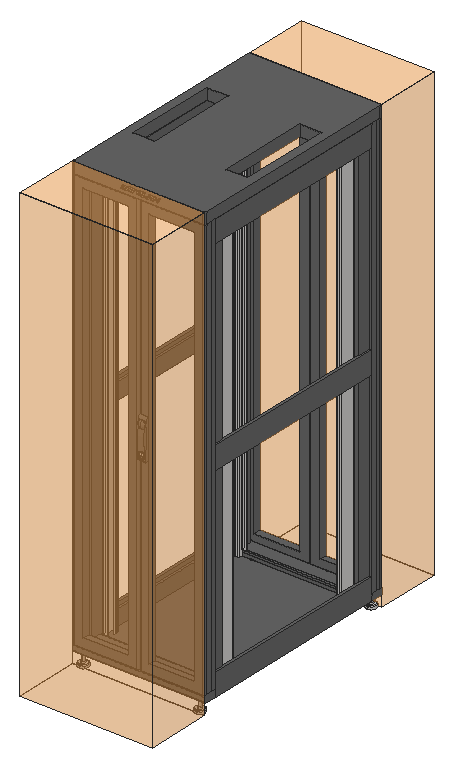
Revit family "Eurolan_Шкафы Rackcenter D9000", category Электрооборудование, Revit 2019 (continued)
Definition of nested family "in_Дверь_перфорированная_двойная"
  Automatic sketch dimensions
    Extrusion 1 sketch curve to plane 4 = 0.000 mm  (x2)
    plane 7 to Extrusion 1 sketch curve = 0.000 mm
    Extrusion 1 sketch curve to plane 9 = 0.000 mm  (x2)
    plane 13 to Extrusion 1 sketch curve = 0.000 mm
    plane 12 to Extrusion 1 sketch curve = 0.000 mm
    plane 6 to Extrusion 1 sketch curve = 0.000 mm
    Extrusion 1 sketch curve to plane 8 = 0.000 mm  (x2)
    plane 3 "По центру (Влево/Вправо)" to Extrusion 1 sketch curve = 1.000 mm
    Extrusion 1 sketch curve to plane 5 = 0.000 mm  (x2)
    Extrusion 2 sketch curve to plane 6 = 0.000 mm
    Extrusion 2 sketch curve to plane 11 = 0.000 mm  (x4)
    Extrusion 2 sketch curve to plane 7 = 0.000 mm
    plane 6 to Extrusion 2 sketch curve = 5.000 mm
    Extrusion 2 sketch curve to plane 6 = 10.000 mm
    Extrusion 2 sketch curve to plane 3 "По центру (Влево/Вправо)" = 11.000 mm
    Extrusion 2 sketch curve to plane 3 "По центру (Влево/Вправо)" = 1.000 mm
    Extrusion 2 sketch curve to plane 11 = 5.000 mm  (x3)
    plane 3 "По центру (Влево/Вправо)" to Extrusion 2 sketch curve = 11.000 mm
    plane 7 to Extrusion 2 sketch curve = 10.000 mm
    Extrusion 2 sketch curve to Extrusion 2 sketch curve = 5.000 mm
    curve 1 to plane 6 = 0.000 mm
    curve 1 to plane 7 = 0.000 mm
  Nested families
    nested 1: "in_Дверь_Соты_600" at (0, 100, 122), type ""
      with Смещение от пола 125.000 mm, Глубина стенок 440.000 mm, Высота стенки 2235.000 mm, ADSK_Размер_Ширина 600.000 mm, ADSK_Размер_Глубина 600.000 mm, ADSK_Размер_Высота 2277.000 mm
    nested 2: "in_Дверь_Соты_600" at (0, 100, 122) x (-1, 0, 0) z (0, 0, 1), type ""
      with Смещение от пола 125.000 mm, Глубина стенок 440.000 mm, Высота стенки 2235.000 mm, ADSK_Размер_Ширина 600.000 mm, ADSK_Размер_Глубина 600.000 mm, ADSK_Размер_Высота 2277.000 mm
    nested 3: "in_Дверь_Соты_600" at (0, 100, 122), type "соты_600_массив"
      with Смещение от пола 125.000 mm, Глубина стенок 440.000 mm, Высота стенки 2235.000 mm, ADSK_Размер_Ширина 600.000 mm, ADSK_Размер_Глубина 600.000 mm, ADSK_Размер_Высота 2277.000 mm
    nested 4: "in_Дверь_Соты_600" at (0, 100, 122) x (-1, 0, 0) z (0, 0, 1), type ""
      with Смещение от пола 125.000 mm, Глубина стенок 440.000 mm, Высота стенки 2235.000 mm, ADSK_Размер_Ширина 600.000 mm, ADSK_Размер_Глубина 600.000 mm, ADSK_Размер_Высота 2277.000 mm
    nested 5: "in_Дверь_Соты_600" at (0, 100, 150.256), type "соты_600_массив"
      with Смещение от пола 125.000 mm, Глубина стенок 440.000 mm, Высота стенки 2235.000 mm, ADSK_Размер_Ширина 600.000 mm, ADSK_Размер_Глубина 600.000 mm, ADSK_Размер_Высота 2277.000 mm
    nested 6: "in_Дверь_Соты_600" at (0, 100, 150.256) x (-1, 0, 0) z (0, 0, 1), type ""
      with Смещение от пола 125.000 mm, Глубина стенок 440.000 mm, Высота стенки 2235.000 mm, ADSK_Размер_Ширина 600.000 mm, ADSK_Размер_Глубина 600.000 mm, ADSK_Размер_Высота 2277.000 mm
    nested 7: "in_Дверь_Соты_600" at (0, 100, 178.512), type "соты_600_массив"
      with Смещение от пола 125.000 mm, Глубина стенок 440.000 mm, Высота стенки 2235.000 mm, ADSK_Размер_Ширина 600.000 mm, ADSK_Размер_Глубина 600.000 mm, ADSK_Размер_Высота 2277.000 mm
    nested 8: "in_Дверь_Соты_600" at (0, 100, 178.512) x (-1, 0, 0) z (0, 0, 1), type ""
      with Смещение от пола 125.000 mm, Глубина стенок 440.000 mm, Высота стенки 2235.000 mm, ADSK_Размер_Ширина 600.000 mm, ADSK_Размер_Глубина 600.000 mm, ADSK_Размер_Высота 2277.000 mm
    nested 9: "in_Дверь_Соты_600" at (0, 100, 206.768), type "соты_600_массив"
      with Смещение от пола 125.000 mm, Глубина стенок 440.000 mm, Высота стенки 2235.000 mm, ADSK_Размер_Ширина 600.000 mm, ADSK_Размер_Глубина 600.000 mm, ADSK_Размер_Высота 2277.000 mm
    nested 10: "in_Дверь_Соты_600" at (0, 100, 206.768) x (-1, 0, 0) z (0, 0, 1), type ""
      with Смещение от пола 125.000 mm, Глубина стенок 440.000 mm, Высота стенки 2235.000 mm, ADSK_Размер_Ширина 600.000 mm, ADSK_Размер_Глубина 600.000 mm, ADSK_Размер_Высота 2277.000 mm
    nested 11: "in_Дверь_Соты_600" at (0, 100, 235.024), type "соты_600_массив"
      with Смещение от пола 125.000 mm, Глубина стенок 440.000 mm, Высота стенки 2235.000 mm, ADSK_Размер_Ширина 600.000 mm, ADSK_Размер_Глубина 600.000 mm, ADSK_Размер_Высота 2277.000 mm
    nested 12: "in_Дверь_Соты_600" at (0, 100, 235.024) x (-1, 0, 0) z (0, 0, 1), type ""
      with Смещение от пола 125.000 mm, Глубина стенок 440.000 mm, Высота стенки 2235.000 mm, ADSK_Размер_Ширина 600.000 mm, ADSK_Размер_Глубина 600.000 mm, ADSK_Размер_Высота 2277.000 mm
    nested 13: "in_Дверь_Соты_600" at (0, 100, 263.28), type "соты_600_массив"
      with Смещение от пола 125.000 mm, Глубина стенок 440.000 mm, Высота стенки 2235.000 mm, ADSK_Размер_Ширина 600.000 mm, ADSK_Размер_Глубина 600.000 mm, ADSK_Размер_Высота 2277.000 mm
    nested 14: "in_Дверь_Соты_600" at (0, 100, 263.28) x (-1, 0, 0) z (0, 0, 1), type ""
      with Смещение от пола 125.000 mm, Глубина стенок 440.000 mm, Высота стенки 2235.000 mm, ADSK_Размер_Ширина 600.000 mm, ADSK_Размер_Глубина 600.000 mm, ADSK_Размер_Высота 2277.000 mm
    nested 15: "in_Дверь_Соты_600" at (0, 100, 291.536), type "соты_600_массив"
      with Смещение от пола 125.000 mm, Глубина стенок 440.000 mm, Высота стенки 2235.000 mm, ADSK_Размер_Ширина 600.000 mm, ADSK_Размер_Глубина 600.000 mm, ADSK_Размер_Высота 2277.000 mm
    nested 16: "in_Дверь_Соты_600" at (0, 100, 291.536) x (-1, 0, 0) z (0, 0, 1), type ""
      with Смещение от пола 125.000 mm, Глубина стенок 440.000 mm, Высота стенки 2235.000 mm, ADSK_Размер_Ширина 600.000 mm, ADSK_Размер_Глубина 600.000 mm, ADSK_Размер_Высота 2277.000 mm
    nested 17: "in_Дверь_Соты_600" at (0, 100, 319.792), type "соты_600_массив"
      with Смещение от пола 125.000 mm, Глубина стенок 440.000 mm, Высота стенки 2235.000 mm, ADSK_Размер_Ширина 600.000 mm, ADSK_Размер_Глубина 600.000 mm, ADSK_Размер_Высота 2277.000 mm
    nested 18: "in_Дверь_Соты_600" at (0, 100, 319.792) x (-1, 0, 0) z (0, 0, 1), type ""
      with Смещение от пола 125.000 mm, Глубина стенок 440.000 mm, Высота стенки 2235.000 mm, ADSK_Размер_Ширина 600.000 mm, ADSK_Размер_Глубина 600.000 mm, ADSK_Размер_Высота 2277.000 mm
    nested 19: "in_Дверь_Соты_600" at (0, 100, 348.048), type "соты_600_массив"
      with Смещение от пола 125.000 mm, Глубина стенок 440.000 mm, Высота стенки 2235.000 mm, ADSK_Размер_Ширина 600.000 mm, ADSK_Размер_Глубина 600.000 mm, ADSK_Размер_Высота 2277.000 mm
    nested 20: "in_Дверь_Соты_600" at (0, 100, 348.048) x (-1, 0, 0) z (0, 0, 1), type ""
      with Смещение от пола 125.000 mm, Глубина стенок 440.000 mm, Высота стенки 2235.000 mm, ADSK_Размер_Ширина 600.000 mm, ADSK_Размер_Глубина 600.000 mm, ADSK_Размер_Высота 2277.000 mm
    nested 21: "in_Дверь_Соты_600" at (0, 100, 376.303), type "соты_600_массив"
      with Смещение от пола 125.000 mm, Глубина стенок 440.000 mm, Высота стенки 2235.000 mm, ADSK_Размер_Ширина 600.000 mm, ADSK_Размер_Глубина 600.000 mm, ADSK_Размер_Высота 2277.000 mm
    nested 22: "in_Дверь_Соты_600" at (0, 100, 376.303) x (-1, 0, 0) z (0, 0, 1), type ""
      with Смещение от пола 125.000 mm, Глубина стенок 440.000 mm, Высота стенки 2235.000 mm, ADSK_Размер_Ширина 600.000 mm, ADSK_Размер_Глубина 600.000 mm, ADSK_Размер_Высота 2277.000 mm
    nested 23: "in_Дверь_Соты_600" at (0, 100, 404.559), type "соты_600_массив"
      with Смещение от пола 125.000 mm, Глубина стенок 440.000 mm, Высота стенки 2235.000 mm, ADSK_Размер_Ширина 600.000 mm, ADSK_Размер_Глубина 600.000 mm, ADSK_Размер_Высота 2277.000 mm
    nested 24: "in_Дверь_Соты_600" at (0, 100, 404.559) x (-1, 0, 0) z (0, 0, 1), type ""
      with Смещение от пола 125.000 mm, Глубина стенок 440.000 mm, Высота стенки 2235.000 mm, ADSK_Размер_Ширина 600.000 mm, ADSK_Размер_Глубина 600.000 mm, ADSK_Размер_Высота 2277.000 mm
    nested 25: "in_Дверь_Соты_600" at (0, 100, 432.815), type "соты_600_массив"
      with Смещение от пола 125.000 mm, Глубина стенок 440.000 mm, Высота стенки 2235.000 mm, ADSK_Размер_Ширина 600.000 mm, ADSK_Размер_Глубина 600.000 mm, ADSK_Размер_Высота 2277.000 mm
    nested 26: "in_Дверь_Соты_600" at (0, 100, 432.815) x (-1, 0, 0) z (0, 0, 1), type ""
      with Смещение от пола 125.000 mm, Глубина стенок 440.000 mm, Высота стенки 2235.000 mm, ADSK_Размер_Ширина 600.000 mm, ADSK_Размер_Глубина 600.000 mm, ADSK_Размер_Высота 2277.000 mm
    nested 27: "in_Дверь_Соты_600" at (0, 100, 461.071), type "соты_600_массив"
      with Смещение от пола 125.000 mm, Глубина стенок 440.000 mm, Высота стенки 2235.000 mm, ADSK_Размер_Ширина 600.000 mm, ADSK_Размер_Глубина 600.000 mm, ADSK_Размер_Высота 2277.000 mm
    nested 28: "in_Дверь_Соты_600" at (0, 100, 461.071) x (-1, 0, 0) z (0, 0, 1), type ""
      with Смещение от пола 125.000 mm, Глубина стенок 440.000 mm, Высота стенки 2235.000 mm, ADSK_Размер_Ширина 600.000 mm, ADSK_Размер_Глубина 600.000 mm, ADSK_Размер_Высота 2277.000 mm
    nested 29: "in_Дверь_Соты_600" at (0, 100, 489.327), type "соты_600_массив"
      with Смещение от пола 125.000 mm, Глубина стенок 440.000 mm, Высота стенки 2235.000 mm, ADSK_Размер_Ширина 600.000 mm, ADSK_Размер_Глубина 600.000 mm, ADSK_Размер_Высота 2277.000 mm
    nested 30: "in_Дверь_Соты_600" at (0, 100, 489.327) x (-1, 0, 0) z (0, 0, 1), type ""
      with Смещение от пола 125.000 mm, Глубина стенок 440.000 mm, Высота стенки 2235.000 mm, ADSK_Размер_Ширина 600.000 mm, ADSK_Размер_Глубина 600.000 mm, ADSK_Размер_Высота 2277.000 mm
    nested 31: "in_Дверь_Соты_600" at (0, 100, 517.583), type "соты_600_массив"
      with Смещение от пола 125.000 mm, Глубина стенок 440.000 mm, Высота стенки 2235.000 mm, ADSK_Размер_Ширина 600.000 mm, ADSK_Размер_Глубина 600.000 mm, ADSK_Размер_Высота 2277.000 mm
    nested 32: "in_Дверь_Соты_600" at (0, 100, 517.583) x (-1, 0, 0) z (0, 0, 1), type ""
      with Смещение от пола 125.000 mm, Глубина стенок 440.000 mm, Высота стенки 2235.000 mm, ADSK_Размер_Ширина 600.000 mm, ADSK_Размер_Глубина 600.000 mm, ADSK_Размер_Высота 2277.000 mm
    nested 33: "in_Дверь_Соты_600" at (0, 100, 545.839), type "соты_600_массив"
      with Смещение от пола 125.000 mm, Глубина стенок 440.000 mm, Высота стенки 2235.000 mm, ADSK_Размер_Ширина 600.000 mm, ADSK_Размер_Глубина 600.000 mm, ADSK_Размер_Высота 2277.000 mm
    nested 34: "in_Дверь_Соты_600" at (0, 100, 545.839) x (-1, 0, 0) z (0, 0, 1), type ""
      with Смещение от пола 125.000 mm, Глубина стенок 440.000 mm, Высота стенки 2235.000 mm, ADSK_Размер_Ширина 600.000 mm, ADSK_Размер_Глубина 600.000 mm, ADSK_Размер_Высота 2277.000 mm
    nested 35: "in_Дверь_Соты_600" at (0, 100, 574.095), type "соты_600_массив"
      with Смещение от пола 125.000 mm, Глубина стенок 440.000 mm, Высота стенки 2235.000 mm, ADSK_Размер_Ширина 600.000 mm, ADSK_Размер_Глубина 600.000 mm, ADSK_Размер_Высота 2277.000 mm
    nested 36: "in_Дверь_Соты_600" at (0, 100, 574.095) x (-1, 0, 0) z (0, 0, 1), type ""
      with Смещение от пола 125.000 mm, Глубина стенок 440.000 mm, Высота стенки 2235.000 mm, ADSK_Размер_Ширина 600.000 mm, ADSK_Размер_Глубина 600.000 mm, ADSK_Размер_Высота 2277.000 mm
    nested 37: "in_Дверь_Соты_600" at (0, 100, 602.351), type "соты_600_массив"
      with Смещение от пола 125.000 mm, Глубина стенок 440.000 mm, Высота стенки 2235.000 mm, ADSK_Размер_Ширина 600.000 mm, ADSK_Размер_Глубина 600.000 mm, ADSK_Размер_Высота 2277.000 mm
    nested 38: "in_Дверь_Соты_600" at (0, 100, 602.351) x (-1, 0, 0) z (0, 0, 1), type ""
      with Смещение от пола 125.000 mm, Глубина стенок 440.000 mm, Высота стенки 2235.000 mm, ADSK_Размер_Ширина 600.000 mm, ADSK_Размер_Глубина 600.000 mm, ADSK_Размер_Высота 2277.000 mm
    nested 39: "in_Дверь_Соты_600" at (0, 100, 630.607), type "соты_600_массив"
      with Смещение от пола 125.000 mm, Глубина стенок 440.000 mm, Высота стенки 2235.000 mm, ADSK_Размер_Ширина 600.000 mm, ADSK_Размер_Глубина 600.000 mm, ADSK_Размер_Высота 2277.000 mm
    nested 40: "in_Дверь_Соты_600" at (0, 100, 630.607) x (-1, 0, 0) z (0, 0, 1), type ""
      with Смещение от пола 125.000 mm, Глубина стенок 440.000 mm, Высота стенки 2235.000 mm, ADSK_Размер_Ширина 600.000 mm, ADSK_Размер_Глубина 600.000 mm, ADSK_Размер_Высота 2277.000 mm
    nested 41: "in_Дверь_Соты_600" at (0, 100, 658.863), type "соты_600_массив"
      with Смещение от пола 125.000 mm, Глубина стенок 440.000 mm, Высота стенки 2235.000 mm, ADSK_Размер_Ширина 600.000 mm, ADSK_Размер_Глубина 600.000 mm, ADSK_Размер_Высота 2277.000 mm
    nested 42: "in_Дверь_Соты_600" at (0, 100, 658.863) x (-1, 0, 0) z (0, 0, 1), type ""
      with Смещение от пола 125.000 mm, Глубина стенок 440.000 mm, Высота стенки 2235.000 mm, ADSK_Размер_Ширина 600.000 mm, ADSK_Размер_Глубина 600.000 mm, ADSK_Размер_Высота 2277.000 mm
    nested 43: "in_Дверь_Соты_600" at (0, 100, 687.119), type "соты_600_массив"
      with Смещение от пола 125.000 mm, Глубина стенок 440.000 mm, Высота стенки 2235.000 mm, ADSK_Размер_Ширина 600.000 mm, ADSK_Размер_Глубина 600.000 mm, ADSK_Размер_Высота 2277.000 mm
    nested 44: "in_Дверь_Соты_600" at (0, 100, 687.119) x (-1, 0, 0) z (0, 0, 1), type ""
      with Смещение от пола 125.000 mm, Глубина стенок 440.000 mm, Высота стенки 2235.000 mm, ADSK_Размер_Ширина 600.000 mm, ADSK_Размер_Глубина 600.000 mm, ADSK_Размер_Высота 2277.000 mm
    nested 45: "in_Дверь_Соты_600" at (0, 100, 715.375), type "соты_600_массив"
      with Смещение от пола 125.000 mm, Глубина стенок 440.000 mm, Высота стенки 2235.000 mm, ADSK_Размер_Ширина 600.000 mm, ADSK_Размер_Глубина 600.000 mm, ADSK_Размер_Высота 2277.000 mm
    nested 46: "in_Дверь_Соты_600" at (0, 100, 715.375) x (-1, 0, 0) z (0, 0, 1), type ""
      with Смещение от пола 125.000 mm, Глубина стенок 440.000 mm, Высота стенки 2235.000 mm, ADSK_Размер_Ширина 600.000 mm, ADSK_Размер_Глубина 600.000 mm, ADSK_Размер_Высота 2277.000 mm
    nested 47: "in_Дверь_Соты_600" at (0, 100, 743.631), type "соты_600_массив"
      with Смещение от пола 125.000 mm, Глубина стенок 440.000 mm, Высота стенки 2235.000 mm, ADSK_Размер_Ширина 600.000 mm, ADSK_Размер_Глубина 600.000 mm, ADSK_Размер_Высота 2277.000 mm
    nested 48: "in_Дверь_Соты_600" at (0, 100, 743.631) x (-1, 0, 0) z (0, 0, 1), type ""
      with Смещение от пола 125.000 mm, Глубина стенок 440.000 mm, Высота стенки 2235.000 mm, ADSK_Размер_Ширина 600.000 mm, ADSK_Размер_Глубина 600.000 mm, ADSK_Размер_Высота 2277.000 mm
    nested 49: "in_Дверь_Соты_600" at (0, 100, 771.887), type "соты_600_массив"
      with Смещение от пола 125.000 mm, Глубина стенок 440.000 mm, Высота стенки 2235.000 mm, ADSK_Размер_Ширина 600.000 mm, ADSK_Размер_Глубина 600.000 mm, ADSK_Размер_Высота 2277.000 mm
    nested 50: "in_Дверь_Соты_600" at (0, 100, 771.887) x (-1, 0, 0) z (0, 0, 1), type ""
      with Смещение от пола 125.000 mm, Глубина стенок 440.000 mm, Высота стенки 2235.000 mm, ADSK_Размер_Ширина 600.000 mm, ADSK_Размер_Глубина 600.000 mm, ADSK_Размер_Высота 2277.000 mm
    nested 51: "in_Дверь_Соты_600" at (0, 100, 800.143), type "соты_600_массив"
      with Смещение от пола 125.000 mm, Глубина стенок 440.000 mm, Высота стенки 2235.000 mm, ADSK_Размер_Ширина 600.000 mm, ADSK_Размер_Глубина 600.000 mm, ADSK_Размер_Высота 2277.000 mm
    nested 52: "in_Дверь_Соты_600" at (0, 100, 800.143) x (-1, 0, 0) z (0, 0, 1), type ""
      with Смещение от пола 125.000 mm, Глубина стенок 440.000 mm, Высота стенки 2235.000 mm, ADSK_Размер_Ширина 600.000 mm, ADSK_Размер_Глубина 600.000 mm, ADSK_Размер_Высота 2277.000 mm
    nested 53: "in_Дверь_Соты_600" at (0, 100, 828.399), type "соты_600_массив"
      with Смещение от пола 125.000 mm, Глубина стенок 440.000 mm, Высота стенки 2235.000 mm, ADSK_Размер_Ширина 600.000 mm, ADSK_Размер_Глубина 600.000 mm, ADSK_Размер_Высота 2277.000 mm
    nested 54: "in_Дверь_Соты_600" at (0, 100, 828.399) x (-1, 0, 0) z (0, 0, 1), type ""
      with Смещение от пола 125.000 mm, Глубина стенок 440.000 mm, Высота стенки 2235.000 mm, ADSK_Размер_Ширина 600.000 mm, ADSK_Размер_Глубина 600.000 mm, ADSK_Размер_Высота 2277.000 mm
    nested 55: "in_Дверь_Соты_600" at (0, 100, 856.654), type "соты_600_массив"
      with Смещение от пола 125.000 mm, Глубина стенок 440.000 mm, Высота стенки 2235.000 mm, ADSK_Размер_Ширина 600.000 mm, ADSK_Размер_Глубина 600.000 mm, ADSK_Размер_Высота 2277.000 mm
    nested 56: "in_Дверь_Соты_600" at (0, 100, 856.654) x (-1, 0, 0) z (0, 0, 1), type ""
      with Смещение от пола 125.000 mm, Глубина стенок 440.000 mm, Высота стенки 2235.000 mm, ADSK_Размер_Ширина 600.000 mm, ADSK_Размер_Глубина 600.000 mm, ADSK_Размер_Высота 2277.000 mm
    nested 57: "in_Дверь_Соты_600" at (0, 100, 884.91), type "соты_600_массив"
      with Смещение от пола 125.000 mm, Глубина стенок 440.000 mm, Высота стенки 2235.000 mm, ADSK_Размер_Ширина 600.000 mm, ADSK_Размер_Глубина 600.000 mm, ADSK_Размер_Высота 2277.000 mm
    nested 58: "in_Дверь_Соты_600" at (0, 100, 884.91) x (-1, 0, 0) z (0, 0, 1), type ""
      with Смещение от пола 125.000 mm, Глубина стенок 440.000 mm, Высота стенки 2235.000 mm, ADSK_Размер_Ширина 600.000 mm, ADSK_Размер_Глубина 600.000 mm, ADSK_Размер_Высота 2277.000 mm
    nested 59: "in_Дверь_Соты_600" at (0, 100, 913.166), type "соты_600_массив"
      with Смещение от пола 125.000 mm, Глубина стенок 440.000 mm, Высота стенки 2235.000 mm, ADSK_Размер_Ширина 600.000 mm, ADSK_Размер_Глубина 600.000 mm, ADSK_Размер_Высота 2277.000 mm
    nested 60: "in_Дверь_Соты_600" at (0, 100, 913.166) x (-1, 0, 0) z (0, 0, 1), type ""
      with Смещение от пола 125.000 mm, Глубина стенок 440.000 mm, Высота стенки 2235.000 mm, ADSK_Размер_Ширина 600.000 mm, ADSK_Размер_Глубина 600.000 mm, ADSK_Размер_Высота 2277.000 mm
    nested 61: "in_Дверь_Соты_600" at (0, 100, 941.422), type "соты_600_массив"
      with Смещение от пола 125.000 mm, Глубина стенок 440.000 mm, Высота стенки 2235.000 mm, ADSK_Размер_Ширина 600.000 mm, ADSK_Размер_Глубина 600.000 mm, ADSK_Размер_Высота 2277.000 mm
    nested 62: "in_Дверь_Соты_600" at (0, 100, 941.422) x (-1, 0, 0) z (0, 0, 1), type ""
      with Смещение от пола 125.000 mm, Глубина стенок 440.000 mm, Высота стенки 2235.000 mm, ADSK_Размер_Ширина 600.000 mm, ADSK_Размер_Глубина 600.000 mm, ADSK_Размер_Высота 2277.000 mm
    nested 63: "in_Дверь_Соты_600" at (0, 100, 969.678), type "соты_600_массив"
      with Смещение от пола 125.000 mm, Глубина стенок 440.000 mm, Высота стенки 2235.000 mm, ADSK_Размер_Ширина 600.000 mm, ADSK_Размер_Глубина 600.000 mm, ADSK_Размер_Высота 2277.000 mm
    nested 64: "in_Дверь_Соты_600" at (0, 100, 969.678) x (-1, 0, 0) z (0, 0, 1), type ""
      with Смещение от пола 125.000 mm, Глубина стенок 440.000 mm, Высота стенки 2235.000 mm, ADSK_Размер_Ширина 600.000 mm, ADSK_Размер_Глубина 600.000 mm, ADSK_Размер_Высота 2277.000 mm
    nested 65: "in_Дверь_Соты_600" at (0, 100, 997.934), type "соты_600_массив"
      with Смещение от пола 125.000 mm, Глубина стенок 440.000 mm, Высота стенки 2235.000 mm, ADSK_Размер_Ширина 600.000 mm, ADSK_Размер_Глубина 600.000 mm, ADSK_Размер_Высота 2277.000 mm
    nested 66: "in_Дверь_Соты_600" at (0, 100, 997.934) x (-1, 0, 0) z (0, 0, 1), type ""
      with Смещение от пола 125.000 mm, Глубина стенок 440.000 mm, Высота стенки 2235.000 mm, ADSK_Размер_Ширина 600.000 mm, ADSK_Размер_Глубина 600.000 mm, ADSK_Размер_Высота 2277.000 mm
    nested 67: "in_Дверь_Соты_600" at (0, 100, 1026.19), type "соты_600_массив"
      with Смещение от пола 125.000 mm, Глубина стенок 440.000 mm, Высота стенки 2235.000 mm, ADSK_Размер_Ширина 600.000 mm, ADSK_Размер_Глубина 600.000 mm, ADSK_Размер_Высота 2277.000 mm
    nested 68: "in_Дверь_Соты_600" at (0, 100, 1026.19) x (-1, 0, 0) z (0, 0, 1), type ""
      with Смещение от пола 125.000 mm, Глубина стенок 440.000 mm, Высота стенки 2235.000 mm, ADSK_Размер_Ширина 600.000 mm, ADSK_Размер_Глубина 600.000 mm, ADSK_Размер_Высота 2277.000 mm
    nested 69: "in_Дверь_Соты_600" at (0, 100, 1054.446), type "соты_600_массив"
      with Смещение от пола 125.000 mm, Глубина стенок 440.000 mm, Высота стенки 2235.000 mm, ADSK_Размер_Ширина 600.000 mm, ADSK_Размер_Глубина 600.000 mm, ADSK_Размер_Высота 2277.000 mm
    nested 70: "in_Дверь_Соты_600" at (0, 100, 1054.446) x (-1, 0, 0) z (0, 0, 1), type ""
      with Смещение от пола 125.000 mm, Глубина стенок 440.000 mm, Высота стенки 2235.000 mm, ADSK_Размер_Ширина 600.000 mm, ADSK_Размер_Глубина 600.000 mm, ADSK_Размер_Высота 2277.000 mm
    nested 71: "in_Дверь_Соты_600" at (0, 100, 1082.702), type "соты_600_массив"
      with Смещение от пола 125.000 mm, Глубина стенок 440.000 mm, Высота стенки 2235.000 mm, ADSK_Размер_Ширина 600.000 mm, ADSK_Размер_Глубина 600.000 mm, ADSK_Размер_Высота 2277.000 mm
    nested 72: "in_Дверь_Соты_600" at (0, 100, 1082.702) x (-1, 0, 0) z (0, 0, 1), type ""
      with Смещение от пола 125.000 mm, Глубина стенок 440.000 mm, Высота стенки 2235.000 mm, ADSK_Размер_Ширина 600.000 mm, ADSK_Размер_Глубина 600.000 mm, ADSK_Размер_Высота 2277.000 mm
    nested 73: "in_Дверь_Соты_600" at (0, 100, 1110.958), type "соты_600_массив"
      with Смещение от пола 125.000 mm, Глубина стенок 440.000 mm, Высота стенки 2235.000 mm, ADSK_Размер_Ширина 600.000 mm, ADSK_Размер_Глубина 600.000 mm, ADSK_Размер_Высота 2277.000 mm
    nested 74: "in_Дверь_Соты_600" at (0, 100, 1110.958) x (-1, 0, 0) z (0, 0, 1), type ""
      with Смещение от пола 125.000 mm, Глубина стенок 440.000 mm, Высота стенки 2235.000 mm, ADSK_Размер_Ширина 600.000 mm, ADSK_Размер_Глубина 600.000 mm, ADSK_Размер_Высота 2277.000 mm
    nested 75: "in_Дверь_Соты_600" at (0, 100, 1139.214), type "соты_600_массив"
      with Смещение от пола 125.000 mm, Глубина стенок 440.000 mm, Высота стенки 2235.000 mm, ADSK_Размер_Ширина 600.000 mm, ADSK_Размер_Глубина 600.000 mm, ADSK_Размер_Высота 2277.000 mm
    nested 76: "in_Дверь_Соты_600" at (0, 100, 1139.214) x (-1, 0, 0) z (0, 0, 1), type ""
      with Смещение от пола 125.000 mm, Глубина стенок 440.000 mm, Высота стенки 2235.000 mm, ADSK_Размер_Ширина 600.000 mm, ADSK_Размер_Глубина 600.000 mm, ADSK_Размер_Высота 2277.000 mm
    nested 77: "in_Дверь_Соты_600" at (0, 100, 1167.47), type "соты_600_массив"
      with Смещение от пола 125.000 mm, Глубина стенок 440.000 mm, Высота стенки 2235.000 mm, ADSK_Размер_Ширина 600.000 mm, ADSK_Размер_Глубина 600.000 mm, ADSK_Размер_Высота 2277.000 mm
    nested 78: "in_Дверь_Соты_600" at (0, 100, 1167.47) x (-1, 0, 0) z (0, 0, 1), type ""
      with Смещение от пола 125.000 mm, Глубина стенок 440.000 mm, Высота стенки 2235.000 mm, ADSK_Размер_Ширина 600.000 mm, ADSK_Размер_Глубина 600.000 mm, ADSK_Размер_Высота 2277.000 mm
    nested 79: "in_Дверь_Соты_600" at (0, 100, 1195.726), type "соты_600_массив"
      with Смещение от пола 125.000 mm, Глубина стенок 440.000 mm, Высота стенки 2235.000 mm, ADSK_Размер_Ширина 600.000 mm, ADSK_Размер_Глубина 600.000 mm, ADSK_Размер_Высота 2277.000 mm
    nested 80: "in_Дверь_Соты_600" at (0, 100, 1195.726) x (-1, 0, 0) z (0, 0, 1), type ""
      with Смещение от пола 125.000 mm, Глубина стенок 440.000 mm, Высота стенки 2235.000 mm, ADSK_Размер_Ширина 600.000 mm, ADSK_Размер_Глубина 600.000 mm, ADSK_Размер_Высота 2277.000 mm
    nested 81: "in_Дверь_Соты_600" at (0, 100, 1223.982), type "соты_600_массив"
      with Смещение от пола 125.000 mm, Глубина стенок 440.000 mm, Высота стенки 2235.000 mm, ADSK_Размер_Ширина 600.000 mm, ADSK_Размер_Глубина 600.000 mm, ADSK_Размер_Высота 2277.000 mm
    nested 82: "in_Дверь_Соты_600" at (0, 100, 1223.982) x (-1, 0, 0) z (0, 0, 1), type ""
      with Смещение от пола 125.000 mm, Глубина стенок 440.000 mm, Высота стенки 2235.000 mm, ADSK_Размер_Ширина 600.000 mm, ADSK_Размер_Глубина 600.000 mm, ADSK_Размер_Высота 2277.000 mm
    nested 83: "in_Дверь_Соты_600" at (0, 100, 1252.238), type "соты_600_массив"
      with Смещение от пола 125.000 mm, Глубина стенок 440.000 mm, Высота стенки 2235.000 mm, ADSK_Размер_Ширина 600.000 mm, ADSK_Размер_Глубина 600.000 mm, ADSK_Размер_Высота 2277.000 mm
    nested 84: "in_Дверь_Соты_600" at (0, 100, 1252.238) x (-1, 0, 0) z (0, 0, 1), type ""
      with Смещение от пола 125.000 mm, Глубина стенок 440.000 mm, Высота стенки 2235.000 mm, ADSK_Размер_Ширина 600.000 mm, ADSK_Размер_Глубина 600.000 mm, ADSK_Размер_Высота 2277.000 mm
    nested 85: "in_Дверь_Соты_600" at (0, 100, 1280.494), type "соты_600_массив"
      with Смещение от пола 125.000 mm, Глубина стенок 440.000 mm, Высота стенки 2235.000 mm, ADSK_Размер_Ширина 600.000 mm, ADSK_Размер_Глубина 600.000 mm, ADSK_Размер_Высота 2277.000 mm
    nested 86: "in_Дверь_Соты_600" at (0, 100, 1280.494) x (-1, 0, 0) z (0, 0, 1), type ""
      with Смещение от пола 125.000 mm, Глубина стенок 440.000 mm, Высота стенки 2235.000 mm, ADSK_Размер_Ширина 600.000 mm, ADSK_Размер_Глубина 600.000 mm, ADSK_Размер_Высота 2277.000 mm
    nested 87: "in_Дверь_Соты_600" at (0, 100, 1308.75), type "соты_600_массив"
      with Смещение от пола 125.000 mm, Глубина стенок 440.000 mm, Высота стенки 2235.000 mm, ADSK_Размер_Ширина 600.000 mm, ADSK_Размер_Глубина 600.000 mm, ADSK_Размер_Высота 2277.000 mm
    nested 88: "in_Дверь_Соты_600" at (0, 100, 1308.75) x (-1, 0, 0) z (0, 0, 1), type ""
      with Смещение от пола 125.000 mm, Глубина стенок 440.000 mm, Высота стенки 2235.000 mm, ADSK_Размер_Ширина 600.000 mm, ADSK_Размер_Глубина 600.000 mm, ADSK_Размер_Высота 2277.000 mm
    nested 89: "in_Дверь_Соты_600" at (0, 100, 1337.005), type "соты_600_массив"
      with Смещение от пола 125.000 mm, Глубина стенок 440.000 mm, Высота стенки 2235.000 mm, ADSK_Размер_Ширина 600.000 mm, ADSK_Размер_Глубина 600.000 mm, ADSK_Размер_Высота 2277.000 mm
    nested 90: "in_Дверь_Соты_600" at (0, 100, 1337.005) x (-1, 0, 0) z (0, 0, 1), type ""
      with Смещение от пола 125.000 mm, Глубина стенок 440.000 mm, Высота стенки 2235.000 mm, ADSK_Размер_Ширина 600.000 mm, ADSK_Размер_Глубина 600.000 mm, ADSK_Размер_Высота 2277.000 mm
    nested 91: "in_Дверь_Соты_600" at (0, 100, 1365.261), type "соты_600_массив"
      with Смещение от пола 125.000 mm, Глубина стенок 440.000 mm, Высота стенки 2235.000 mm, ADSK_Размер_Ширина 600.000 mm, ADSK_Размер_Глубина 600.000 mm, ADSK_Размер_Высота 2277.000 mm
    nested 92: "in_Дверь_Соты_600" at (0, 100, 1365.261) x (-1, 0, 0) z (0, 0, 1), type ""
      with Смещение от пола 125.000 mm, Глубина стенок 440.000 mm, Высота стенки 2235.000 mm, ADSK_Размер_Ширина 600.000 mm, ADSK_Размер_Глубина 600.000 mm, ADSK_Размер_Высота 2277.000 mm
    nested 93: "in_Дверь_Соты_600" at (0, 100, 1393.517), type "соты_600_массив"
      with Смещение от пола 125.000 mm, Глубина стенок 440.000 mm, Высота стенки 2235.000 mm, ADSK_Размер_Ширина 600.000 mm, ADSK_Размер_Глубина 600.000 mm, ADSK_Размер_Высота 2277.000 mm
    nested 94: "in_Дверь_Соты_600" at (0, 100, 1393.517) x (-1, 0, 0) z (0, 0, 1), type ""
      with Смещение от пола 125.000 mm, Глубина стенок 440.000 mm, Высота стенки 2235.000 mm, ADSK_Размер_Ширина 600.000 mm, ADSK_Размер_Глубина 600.000 mm, ADSK_Размер_Высота 2277.000 mm
    nested 95: "in_Дверь_Соты_600" at (0, 100, 1421.773), type "соты_600_массив"
      with Смещение от пола 125.000 mm, Глубина стенок 440.000 mm, Высота стенки 2235.000 mm, ADSK_Размер_Ширина 600.000 mm, ADSK_Размер_Глубина 600.000 mm, ADSK_Размер_Высота 2277.000 mm
    nested 96: "in_Дверь_Соты_600" at (0, 100, 1421.773) x (-1, 0, 0) z (0, 0, 1), type ""
      with Смещение от пола 125.000 mm, Глубина стенок 440.000 mm, Высота стенки 2235.000 mm, ADSK_Размер_Ширина 600.000 mm, ADSK_Размер_Глубина 600.000 mm, ADSK_Размер_Высота 2277.000 mm
    nested 97: "in_Дверь_Соты_600" at (0, 100, 1450.029), type "соты_600_массив"
      with Смещение от пола 125.000 mm, Глубина стенок 440.000 mm, Высота стенки 2235.000 mm, ADSK_Размер_Ширина 600.000 mm, ADSK_Размер_Глубина 600.000 mm, ADSK_Размер_Высота 2277.000 mm
    nested 98: "in_Дверь_Соты_600" at (0, 100, 1450.029) x (-1, 0, 0) z (0, 0, 1), type ""
      with Смещение от пола 125.000 mm, Глубина стенок 440.000 mm, Высота стенки 2235.000 mm, ADSK_Размер_Ширина 600.000 mm, ADSK_Размер_Глубина 600.000 mm, ADSK_Размер_Высота 2277.000 mm
    nested 99: "in_Дверь_Соты_600" at (0, 100, 1478.285), type "соты_600_массив"
      with Смещение от пола 125.000 mm, Глубина стенок 440.000 mm, Высота стенки 2235.000 mm, ADSK_Размер_Ширина 600.000 mm, ADSK_Размер_Глубина 600.000 mm, ADSK_Размер_Высота 2277.000 mm
    nested 100: "in_Дверь_Соты_600" at (0, 100, 1478.285) x (-1, 0, 0) z (0, 0, 1), type ""
      with Смещение от пола 125.000 mm, Глубина стенок 440.000 mm, Высота стенки 2235.000 mm, ADSK_Размер_Ширина 600.000 mm, ADSK_Размер_Глубина 600.000 mm, ADSK_Размер_Высота 2277.000 mm
    nested 101: "in_Дверь_Соты_600" at (0, 100, 1506.541), type "соты_600_массив"
      with Смещение от пола 125.000 mm, Глубина стенок 440.000 mm, Высота стенки 2235.000 mm, ADSK_Размер_Ширина 600.000 mm, ADSK_Размер_Глубина 600.000 mm, ADSK_Размер_Высота 2277.000 mm
    nested 102: "in_Дверь_Соты_600" at (0, 100, 1506.541) x (-1, 0, 0) z (0, 0, 1), type ""
      with Смещение от пола 125.000 mm, Глубина стенок 440.000 mm, Высота стенки 2235.000 mm, ADSK_Размер_Ширина 600.000 mm, ADSK_Размер_Глубина 600.000 mm, ADSK_Размер_Высота 2277.000 mm
    nested 103: "in_Дверь_Соты_600" at (0, 100, 1534.797), type "соты_600_массив"
      with Смещение от пола 125.000 mm, Глубина стенок 440.000 mm, Высота стенки 2235.000 mm, ADSK_Размер_Ширина 600.000 mm, ADSK_Размер_Глубина 600.000 mm, ADSK_Размер_Высота 2277.000 mm
    nested 104: "in_Дверь_Соты_600" at (0, 100, 1534.797) x (-1, 0, 0) z (0, 0, 1), type ""
      with Смещение от пола 125.000 mm, Глубина стенок 440.000 mm, Высота стенки 2235.000 mm, ADSK_Размер_Ширина 600.000 mm, ADSK_Размер_Глубина 600.000 mm, ADSK_Размер_Высота 2277.000 mm
    nested 105: "in_Дверь_Соты_600" at (0, 100, 1563.053), type "соты_600_массив"
      with Смещение от пола 125.000 mm, Глубина стенок 440.000 mm, Высота стенки 2235.000 mm, ADSK_Размер_Ширина 600.000 mm, ADSK_Размер_Глубина 600.000 mm, ADSK_Размер_Высота 2277.000 mm
    nested 106: "in_Дверь_Соты_600" at (0, 100, 1563.053) x (-1, 0, 0) z (0, 0, 1), type ""
      with Смещение от пола 125.000 mm, Глубина стенок 440.000 mm, Высота стенки 2235.000 mm, ADSK_Размер_Ширина 600.000 mm, ADSK_Размер_Глубина 600.000 mm, ADSK_Размер_Высота 2277.000 mm
    nested 107: "in_Дверь_Соты_600" at (0, 100, 1591.309), type "соты_600_массив"
      with Смещение от пола 125.000 mm, Глубина стенок 440.000 mm, Высота стенки 2235.000 mm, ADSK_Размер_Ширина 600.000 mm, ADSK_Размер_Глубина 600.000 mm, ADSK_Размер_Высота 2277.000 mm
    nested 108: "in_Дверь_Соты_600" at (0, 100, 1591.309) x (-1, 0, 0) z (0, 0, 1), type ""
      with Смещение от пола 125.000 mm, Глубина стенок 440.000 mm, Высота стенки 2235.000 mm, ADSK_Размер_Ширина 600.000 mm, ADSK_Размер_Глубина 600.000 mm, ADSK_Размер_Высота 2277.000 mm
    nested 109: "in_Дверь_Соты_600" at (0, 100, 1619.565), type "соты_600_массив"
      with Смещение от пола 125.000 mm, Глубина стенок 440.000 mm, Высота стенки 2235.000 mm, ADSK_Размер_Ширина 600.000 mm, ADSK_Размер_Глубина 600.000 mm, ADSK_Размер_Высота 2277.000 mm
    nested 110: "in_Дверь_Соты_600" at (0, 100, 1619.565) x (-1, 0, 0) z (0, 0, 1), type ""
      with Смещение от пола 125.000 mm, Глубина стенок 440.000 mm, Высота стенки 2235.000 mm, ADSK_Размер_Ширина 600.000 mm, ADSK_Размер_Глубина 600.000 mm, ADSK_Размер_Высота 2277.000 mm
    nested 111: "in_Дверь_Соты_600" at (0, 100, 1647.821), type "соты_600_массив"
      with Смещение от пола 125.000 mm, Глубина стенок 440.000 mm, Высота стенки 2235.000 mm, ADSK_Размер_Ширина 600.000 mm, ADSK_Размер_Глубина 600.000 mm, ADSK_Размер_Высота 2277.000 mm
    nested 112: "in_Дверь_Соты_600" at (0, 100, 1647.821) x (-1, 0, 0) z (0, 0, 1), type ""
      with Смещение от пола 125.000 mm, Глубина стенок 440.000 mm, Высота стенки 2235.000 mm, ADSK_Размер_Ширина 600.000 mm, ADSK_Размер_Глубина 600.000 mm, ADSK_Размер_Высота 2277.000 mm
    nested 113: "in_Дверь_Соты_600" at (0, 100, 1676.077), type "соты_600_массив"
      with Смещение от пола 125.000 mm, Глубина стенок 440.000 mm, Высота стенки 2235.000 mm, ADSK_Размер_Ширина 600.000 mm, ADSK_Размер_Глубина 600.000 mm, ADSK_Размер_Высота 2277.000 mm
    nested 114: "in_Дверь_Соты_600" at (0, 100, 1676.077) x (-1, 0, 0) z (0, 0, 1), type ""
      with Смещение от пола 125.000 mm, Глубина стенок 440.000 mm, Высота стенки 2235.000 mm, ADSK_Размер_Ширина 600.000 mm, ADSK_Размер_Глубина 600.000 mm, ADSK_Размер_Высота 2277.000 mm
    nested 115: "in_Дверь_Соты_600" at (0, 100, 1704.333), type "соты_600_массив"
      with Смещение от пола 125.000 mm, Глубина стенок 440.000 mm, Высота стенки 2235.000 mm, ADSK_Размер_Ширина 600.000 mm, ADSK_Размер_Глубина 600.000 mm, ADSK_Размер_Высота 2277.000 mm
    nested 116: "in_Дверь_Соты_600" at (0, 100, 1704.333) x (-1, 0, 0) z (0, 0, 1), type ""
      with Смещение от пола 125.000 mm, Глубина стенок 440.000 mm, Высота стенки 2235.000 mm, ADSK_Размер_Ширина 600.000 mm, ADSK_Размер_Глубина 600.000 mm, ADSK_Размер_Высота 2277.000 mm
    nested 117: "in_Дверь_Соты_600" at (0, 100, 1732.589), type "соты_600_массив"
      with Смещение от пола 125.000 mm, Глубина стенок 440.000 mm, Высота стенки 2235.000 mm, ADSK_Размер_Ширина 600.000 mm, ADSK_Размер_Глубина 600.000 mm, ADSK_Размер_Высота 2277.000 mm
    nested 118: "in_Дверь_Соты_600" at (0, 100, 1732.589) x (-1, 0, 0) z (0, 0, 1), type ""
      with Смещение от пола 125.000 mm, Глубина стенок 440.000 mm, Высота стенки 2235.000 mm, ADSK_Размер_Ширина 600.000 mm, ADSK_Размер_Глубина 600.000 mm, ADSK_Размер_Высота 2277.000 mm
    nested 119: "in_Дверь_Соты_600" at (0, 100, 1760.845), type "соты_600_массив"
      with Смещение от пола 125.000 mm, Глубина стенок 440.000 mm, Высота стенки 2235.000 mm, ADSK_Размер_Ширина 600.000 mm, ADSK_Размер_Глубина 600.000 mm, ADSK_Размер_Высота 2277.000 mm
    nested 120: "in_Дверь_Соты_600" at (0, 100, 1760.845) x (-1, 0, 0) z (0, 0, 1), type ""
      with Смещение от пола 125.000 mm, Глубина стенок 440.000 mm, Высота стенки 2235.000 mm, ADSK_Размер_Ширина 600.000 mm, ADSK_Размер_Глубина 600.000 mm, ADSK_Размер_Высота 2277.000 mm
    nested 121: "in_Дверь_Соты_600" at (0, 100, 1789.101), type "соты_600_массив"
      with Смещение от пола 125.000 mm, Глубина стенок 440.000 mm, Высота стенки 2235.000 mm, ADSK_Размер_Ширина 600.000 mm, ADSK_Размер_Глубина 600.000 mm, ADSK_Размер_Высота 2277.000 mm
    nested 122: "in_Дверь_Соты_600" at (0, 100, 1789.101) x (-1, 0, 0) z (0, 0, 1), type ""
      with Смещение от пола 125.000 mm, Глубина стенок 440.000 mm, Высота стенки 2235.000 mm, ADSK_Размер_Ширина 600.000 mm, ADSK_Размер_Глубина 600.000 mm, ADSK_Размер_Высота 2277.000 mm
    nested 123: "in_Дверь_Соты_600" at (0, 100, 1817.356), type "соты_600_массив"
      with Смещение от пола 125.000 mm, Глубина стенок 440.000 mm, Высота стенки 2235.000 mm, ADSK_Размер_Ширина 600.000 mm, ADSK_Размер_Глубина 600.000 mm, ADSK_Размер_Высота 2277.000 mm
    nested 124: "in_Дверь_Соты_600" at (0, 100, 1817.356) x (-1, 0, 0) z (0, 0, 1), type ""
      with Смещение от пола 125.000 mm, Глубина стенок 440.000 mm, Высота стенки 2235.000 mm, ADSK_Размер_Ширина 600.000 mm, ADSK_Размер_Глубина 600.000 mm, ADSK_Размер_Высота 2277.000 mm
    nested 125: "in_Дверь_Соты_600" at (0, 100, 1845.612), type "соты_600_массив"
      with Смещение от пола 125.000 mm, Глубина стенок 440.000 mm, Высота стенки 2235.000 mm, ADSK_Размер_Ширина 600.000 mm, ADSK_Размер_Глубина 600.000 mm, ADSK_Размер_Высота 2277.000 mm
    nested 126: "in_Дверь_Соты_600" at (0, 100, 1845.612) x (-1, 0, 0) z (0, 0, 1), type ""
      with Смещение от пола 125.000 mm, Глубина стенок 440.000 mm, Высота стенки 2235.000 mm, ADSK_Размер_Ширина 600.000 mm, ADSK_Размер_Глубина 600.000 mm, ADSK_Размер_Высота 2277.000 mm
    nested 127: "in_Дверь_Соты_600" at (0, 100, 1873.868), type "соты_600_массив"
      with Смещение от пола 125.000 mm, Глубина стенок 440.000 mm, Высота стенки 2235.000 mm, ADSK_Размер_Ширина 600.000 mm, ADSK_Размер_Глубина 600.000 mm, ADSK_Размер_Высота 2277.000 mm
    nested 128: "in_Дверь_Соты_600" at (0, 100, 1873.868) x (-1, 0, 0) z (0, 0, 1), type ""
      with Смещение от пола 125.000 mm, Глубина стенок 440.000 mm, Высота стенки 2235.000 mm, ADSK_Размер_Ширина 600.000 mm, ADSK_Размер_Глубина 600.000 mm, ADSK_Размер_Высота 2277.000 mm
    nested 129: "in_Дверь_Соты_600" at (0, 100, 1902.124), type "соты_600_массив"
      with Смещение от пола 125.000 mm, Глубина стенок 440.000 mm, Высота стенки 2235.000 mm, ADSK_Размер_Ширина 600.000 mm, ADSK_Размер_Глубина 600.000 mm, ADSK_Размер_Высота 2277.000 mm
    nested 130: "in_Дверь_Соты_600" at (0, 100, 1902.124) x (-1, 0, 0) z (0, 0, 1), type ""
      with Смещение от пола 125.000 mm, Глубина стенок 440.000 mm, Высота стенки 2235.000 mm, ADSK_Размер_Ширина 600.000 mm, ADSK_Размер_Глубина 600.000 mm, ADSK_Размер_Высота 2277.000 mm
    nested 131: "in_Дверь_Соты_600" at (0, 100, 1930.38), type "соты_600_массив"
      with Смещение от пола 125.000 mm, Глубина стенок 440.000 mm, Высота стенки 2235.000 mm, ADSK_Размер_Ширина 600.000 mm, ADSK_Размер_Глубина 600.000 mm, ADSK_Размер_Высота 2277.000 mm
    nested 132: "in_Дверь_Соты_600" at (0, 100, 1930.38) x (-1, 0, 0) z (0, 0, 1), type ""
      with Смещение от пола 125.000 mm, Глубина стенок 440.000 mm, Высота стенки 2235.000 mm, ADSK_Размер_Ширина 600.000 mm, ADSK_Размер_Глубина 600.000 mm, ADSK_Размер_Высота 2277.000 mm
    nested 133: "in_Дверь_Соты_600" at (0, 100, 1958.636), type "соты_600_массив"
      with Смещение от пола 125.000 mm, Глубина стенок 440.000 mm, Высота стенки 2235.000 mm, ADSK_Размер_Ширина 600.000 mm, ADSK_Размер_Глубина 600.000 mm, ADSK_Размер_Высота 2277.000 mm
    nested 134: "in_Дверь_Соты_600" at (0, 100, 1958.636) x (-1, 0, 0) z (0, 0, 1), type ""
      with Смещение от пола 125.000 mm, Глубина стенок 440.000 mm, Высота стенки 2235.000 mm, ADSK_Размер_Ширина 600.000 mm, ADSK_Размер_Глубина 600.000 mm, ADSK_Размер_Высота 2277.000 mm
    nested 135: "in_Дверь_Соты_600" at (0, 100, 1986.892), type "соты_600_массив"
      with Смещение от пола 125.000 mm, Глубина стенок 440.000 mm, Высота стенки 2235.000 mm, ADSK_Размер_Ширина 600.000 mm, ADSK_Размер_Глубина 600.000 mm, ADSK_Размер_Высота 2277.000 mm
    nested 136: "in_Дверь_Соты_600" at (0, 100, 1986.892) x (-1, 0, 0) z (0, 0, 1), type ""
      with Смещение от пола 125.000 mm, Глубина стенок 440.000 mm, Высота стенки 2235.000 mm, ADSK_Размер_Ширина 600.000 mm, ADSK_Размер_Глубина 600.000 mm, ADSK_Размер_Высота 2277.000 mm
    nested 137: "in_Дверь_Соты_600" at (0, 100, 2015.148), type "соты_600_массив"
      with Смещение от пола 125.000 mm, Глубина стенок 440.000 mm, Высота стенки 2235.000 mm, ADSK_Размер_Ширина 600.000 mm, ADSK_Размер_Глубина 600.000 mm, ADSK_Размер_Высота 2277.000 mm
    nested 138: "in_Дверь_Соты_600" at (0, 100, 2015.148) x (-1, 0, 0) z (0, 0, 1), type ""
      with Смещение от пола 125.000 mm, Глубина стенок 440.000 mm, Высота стенки 2235.000 mm, ADSK_Размер_Ширина 600.000 mm, ADSK_Размер_Глубина 600.000 mm, ADSK_Размер_Высота 2277.000 mm
    nested 139: "in_Дверь_Соты_600" at (0, 100, 2043.404), type "соты_600_массив"
      with Смещение от пола 125.000 mm, Глубина стенок 440.000 mm, Высота стенки 2235.000 mm, ADSK_Размер_Ширина 600.000 mm, ADSK_Размер_Глубина 600.000 mm, ADSK_Размер_Высота 2277.000 mm
    nested 140: "in_Дверь_Соты_600" at (0, 100, 2043.404) x (-1, 0, 0) z (0, 0, 1), type ""
      with Смещение от пола 125.000 mm, Глубина стенок 440.000 mm, Высота стенки 2235.000 mm, ADSK_Размер_Ширина 600.000 mm, ADSK_Размер_Глубина 600.000 mm, ADSK_Размер_Высота 2277.000 mm
    nested 141: "in_Дверь_Соты_600" at (0, 100, 2071.66), type "соты_600_массив"
      with Смещение от пола 125.000 mm, Глубина стенок 440.000 mm, Высота стенки 2235.000 mm, ADSK_Размер_Ширина 600.000 mm, ADSK_Размер_Глубина 600.000 mm, ADSK_Размер_Высота 2277.000 mm
    nested 142: "in_Дверь_Соты_600" at (0, 100, 2071.66) x (-1, 0, 0) z (0, 0, 1), type ""
      with Смещение от пола 125.000 mm, Глубина стенок 440.000 mm, Высота стенки 2235.000 mm, ADSK_Размер_Ширина 600.000 mm, ADSK_Размер_Глубина 600.000 mm, ADSK_Размер_Высота 2277.000 mm
    nested 143: "in_Дверь_Соты_600" at (0, 100, 2099.916), type "соты_600_массив"
      with Смещение от пола 125.000 mm, Глубина стенок 440.000 mm, Высота стенки 2235.000 mm, ADSK_Размер_Ширина 600.000 mm, ADSK_Размер_Глубина 600.000 mm, ADSK_Размер_Высота 2277.000 mm
    nested 144: "in_Дверь_Соты_600" at (0, 100, 2099.916) x (-1, 0, 0) z (0, 0, 1), type ""
      with Смещение от пола 125.000 mm, Глубина стенок 440.000 mm, Высота стенки 2235.000 mm, ADSK_Размер_Ширина 600.000 mm, ADSK_Размер_Глубина 600.000 mm, ADSK_Размер_Высота 2277.000 mm
    nested 145: "in_Дверь_Соты_600" at (0, 100, 2128.172), type "соты_600_массив"
      with Смещение от пола 125.000 mm, Глубина стенок 440.000 mm, Высота стенки 2235.000 mm, ADSK_Размер_Ширина 600.000 mm, ADSK_Размер_Глубина 600.000 mm, ADSK_Размер_Высота 2277.000 mm
    nested 146: "in_Дверь_Соты_600" at (0, 100, 2128.172) x (-1, 0, 0) z (0, 0, 1), type ""
      with Смещение от пола 125.000 mm, Глубина стенок 440.000 mm, Высота стенки 2235.000 mm, ADSK_Размер_Ширина 600.000 mm, ADSK_Размер_Глубина 600.000 mm, ADSK_Размер_Высота 2277.000 mm
    nested 147: "in_Дверь_Соты_600" at (0, 100, 2156.428), type "соты_600_массив"
      with Смещение от пола 125.000 mm, Глубина стенок 440.000 mm, Высота стенки 2235.000 mm, ADSK_Размер_Ширина 600.000 mm, ADSK_Размер_Глубина 600.000 mm, ADSK_Размер_Высота 2277.000 mm
    nested 148: "in_Дверь_Соты_600" at (0, 100, 2156.428) x (-1, 0, 0) z (0, 0, 1), type ""
      with Смещение от пола 125.000 mm, Глубина стенок 440.000 mm, Высота стенки 2235.000 mm, ADSK_Размер_Ширина 600.000 mm, ADSK_Размер_Глубина 600.000 mm, ADSK_Размер_Высота 2277.000 mm
    nested 149: "in_Замок" at (27, -300, 354.158), type "in_Замок"
  Definition of nested family "in_Замок"
    Parameters (values of type "in_Замок")
      ADSK_Материал = none
    Reference planes
      plane 1 "По центру (Вперед/Назад)": y = 0
      plane 2: z = 0
      plane 3 "По центру (Влево/Вправо)": x = 0
      plane 4: y = 445
      plane 5: y = -445
      plane 6: y = 500
      plane 7: y = -500
    Forms (mm)
      Extrusion 1, solid, material <- "ADSK_Материал", detail levels fine
        sketch origin (-18, 187.872, 0) x (0, 1, 0) y (0, 0, 1)
          loop
            line (-187.872, 887.342) -> (-191.895, 887.342)
            arc (-191.895, 887.342) -> (-198.648, 881.781) -> (-202.566, 873.959) r 21.109
            arc (-202.566, 873.959) -> (-203.67, 857.067) -> (-202.653, 840.169) r 135.157
            arc (-202.653, 840.169) -> (-200.62, 819.518) -> (-199.753, 798.785) r 368.652
            arc (-199.753, 798.785) -> (-201.006, 758.7) -> (-205.853, 718.889) r 446.318
            line (-205.853, 718.889) -> (-207.872, 713.342) -> (-207.872, 711.342) -> (-187.872, 711.342) -> (-187.872, 887.342)
        from 0 to 36
      Extrusion 2, void
        sketch origin (232.5, -15, 0) x (-1, 0, 0) y (0, 0, -1)
          loop
            line (249, -858.185) -> (249, -723.185) -> (216, -723.185) -> (216, -858.185)
            arc (216, -858.185) -> (232.5, -874.685) -> (249, -858.185) r 16.5
        from -5 to 10
      Extrusion 3, solid, material <- "ADSK_Материал", detail levels fine
        sketch origin (250.5, -250, 0) x (-1, 0, 0) y (0, 0, -1)
          loop
            line (265.5, -858.185) -> (265.5, -739.386)
            arc (265.5, -739.386) -> (250.5, -724.386) -> (235.5, -739.386) r 15
            line (235.5, -739.386) -> (235.5, -858.185)
            arc (235.5, -858.185) -> (250.5, -873.185) -> (265.5, -858.185) r 15
        from -240 to -225
      Extrusion 4, void
        sketch origin (0, 3, 11.25) x (0, 1, 0) y (0, 0, 1)
          loop
            line (-17.738, 863.185) -> (-28.158, 863.185)
            arc (-28.158, 863.185) -> (-37.058, 798.559) -> (-32.527, 733.481) r 316.683
            line (-32.527, 733.481) -> (-32.527, 700.235) -> (-24.383, 700.235) -> (-24.383, 735.235)
            arc (-24.383, 735.235) -> (-25.952, 799.464) -> (-17.738, 863.185) r 421.383
        from -16.5 to 16.5
      Extrusion 5, void
        sketch origin (250.5, -250, 0) x (-1, 0, 0) y (0, 0, -1)
          loop
            circle (250.5, -739.386) r 12
        from -233.4 to -219.71
      Revolve 6, solid, material <- "ADSK_Материал", detail levels fine
        sketch origin (0, 0, 0) x (0, 1, 0) y (0, 0, 1)
          loop
            arc (-19.764, 843.193) -> (-18.918, 850.709) -> (-17.777, 858.185) r 191.804
            line (-17.777, 858.185) -> (-24.902, 859.382)
            arc (-24.902, 859.382) -> (-24.249, 850.679) -> (-19.764, 843.193) r 18.938
          axis (-17.261, 858.098) -> (-24.902, 859.382)
        angle from 0 to 360
      Extrusion 7, solid, detail levels fine
        sketch origin (250.5, -16.383, 0) x (-1, 0, 0) y (0, 0, -1)
          loop
            circle (250.5, -739.386) r 11
        from 0.218 to 5
      Revolve 8, void
        sketch origin (0, 0, 0) x (0, 1, 0) y (0, 0, 1)
          loop
            line (-21.383, 739.386) -> (-21.383, 733.886)
            arc (-21.383, 733.886) -> (-19.976, 736.478) -> (-19.489, 739.386) r 8.935
            line (-19.489, 739.386) -> (-21.383, 739.386)
          axis (-21.383, 739.386) -> (-19.489, 739.386)
        angle from 0 to 180
      Extrusion 9, solid, material <- "ADSK_Материал", detail levels medium
        sketch origin (0, 0, 0) x (1, 0, 0) y (0, 1, 0)
          loop
            line (-18, 0) -> (-18, -25.137) -> (18, -25.137) -> (18, 0) -> (-18, 0)
        from 711.342 to 887.342
    Cuts and joins
      Extrusion 2 cuts Extrusion 1
      Extrusion 4, Extrusion 5 cuts Extrusion 3
      Revolve 8 cuts Extrusion 7
    Lines and regions (mm)
      model lines
        curve 1: line (-18, 0, 799.342) -> (18, 0, 799.342)
        curve 2: line (0, 0, 887.899) -> (0, 0, 711.899)
    Dimensions and locks
      plane 7 to plane 5 = 55.000 mm
      plane 4 to plane 6 = 55.000 mm
      equal spacing: plane 7, plane 1 "По центру (Вперед/Назад)", plane 6
      plane 7 to plane 6 = 1000.000 mm
      cut or joined group of Extrusion 1, Extrusion 2 to cut or joined group of Extrusion 1, Extrusion 2 = 176.000 mm
      aligned and locked: level to plane 2
    Automatic sketch dimensions
      Extrusion 1 sketch curve to plane 1 "По центру (Вперед/Назад)" = 0.000 mm
      Extrusion 1 sketch curve to Extrusion 1 sketch curve = 4.024 mm
      plane 1 "По центру (Вперед/Назад)" to Extrusion 1 sketch curve = 17.981 mm
      Extrusion 1 sketch curve to Extrusion 1 sketch curve = 2.019 mm
      Extrusion 1 sketch curve to plane 5 = 64.501 mm
      plane 5 to Extrusion 1 sketch curve = 13.157 mm
      Extrusion 1 sketch curve to plane 1 "По центру (Вперед/Назад)" = 5.728 mm
      Extrusion 1 sketch curve to Extrusion 1 sketch curve = 113.630 mm
      level to Extrusion 1 sketch curve = 711.342 mm
      Extrusion 1 sketch curve to Extrusion 1 sketch curve = 2.000 mm
      Extrusion 1 sketch curve to Extrusion 1 sketch curve = 5.547 mm
      Extrusion 1 sketch curve to Extrusion 1 sketch curve = 79.336 mm
      Extrusion 1 sketch curve to Extrusion 1 sketch curve = 1.063 mm
      Extrusion 1 sketch curve to Extrusion 1 sketch curve = 57.933 mm
      Extrusion 1 sketch curve to Extrusion 1 sketch curve = 69.836 mm
      Extrusion 1 sketch curve to Extrusion 1 sketch curve = 18.721 mm
      Extrusion 1 sketch curve to Extrusion 1 sketch curve = 0.000 mm
      Extrusion 1 sketch curve to Extrusion 1 sketch curve = 10.671 mm
      Extrusion 2 sketch curve to plane 3 "По центру (Влево/Вправо)" = 0.000 mm
      plane 3 "По центру (Влево/Вправо)" to Extrusion 2 sketch curve = 16.500 mm
      level to Extrusion 2 sketch curve = 858.185 mm
      Extrusion 2 sketch curve to Extrusion 2 sketch curve = 135.000 mm
      Extrusion 3 sketch curve to plane 3 "По центру (Влево/Вправо)" = 0.000 mm
      Extrusion 3 sketch curve to Extrusion 3 sketch curve = 15.000 mm
      level to Extrusion 3 sketch curve = 858.185 mm
      Extrusion 3 sketch curve to Extrusion 3 sketch curve = 118.799 mm
      plane 1 "По центру (Вперед/Назад)" to Extrusion 4 sketch curve = 29.527 mm
      plane 1 "По центру (Вперед/Назад)" to Extrusion 4 sketch curve = 25.158 mm
      Extrusion 4 sketch curve to Extrusion 4 sketch curve = 8.144 mm
      Extrusion 4 sketch curve to Extrusion 4 sketch curve = 10.420 mm
      plane 4 to Extrusion 4 sketch curve = 162.555 mm
      plane 4 to Extrusion 4 sketch curve = 47.136 mm
      level to Extrusion 4 sketch curve = 711.485 mm
      Extrusion 4 sketch curve to Extrusion 4 sketch curve = 33.246 mm
      Extrusion 4 sketch curve to Extrusion 4 sketch curve = 1.754 mm
      Extrusion 4 sketch curve to Extrusion 4 sketch curve = 42.374 mm
      Extrusion 5 sketch curve to Extrusion 5 sketch curve = 0.000 mm  (x2)
      Extrusion 5 sketch curve to plane 3 "По центру (Влево/Вправо)" = 0.000 mm
      level to Extrusion 5 sketch curve = 739.386 mm
      Extrusion 5 sketch curve to Extrusion 5 sketch curve = 12.000 mm
      plane 1 "По центру (Вперед/Назад)" to Revolve 6 sketch curve = 24.902 mm
      Revolve 6 sketch curve to Revolve 6 sketch curve = 7.125 mm
      plane 1 "По центру (Вперед/Назад)" to Revolve 6 sketch curve = 6.199 mm
      Revolve 6 sketch curve to plane 1 "По центру (Вперед/Назад)" = 171.223 mm
      level to Revolve 6 sketch curve = 825.512 mm
      Revolve 6 sketch curve to Revolve 6 sketch curve = 30.896 mm
      Revolve 6 sketch curve to Revolve 6 sketch curve = 1.777 mm
      Revolve 6 sketch curve to Revolve 6 sketch curve = 1.196 mm
      Revolve 6 sketch curve to Revolve 6 sketch curve = 7.668 mm
      Revolve 6 sketch curve to Revolve 6 sketch curve = 0.000 mm  (x2)
      Revolve 6 sketch curve to Revolve 6 sketch curve = 1.288 mm
      Extrusion 7 sketch curve to Extrusion 7 sketch curve = 0.000 mm  (x2)
      Extrusion 7 sketch curve to plane 3 "По центру (Влево/Вправо)" = 0.000 mm
      level to Extrusion 7 sketch curve = 739.386 mm
      Extrusion 7 sketch curve to Extrusion 7 sketch curve = 11.000 mm
      plane 1 "По центру (Вперед/Назад)" to Revolve 8 sketch curve = 28.424 mm
      Revolve 8 sketch curve to Revolve 8 sketch curve = 7.041 mm
      level to Revolve 8 sketch curve = 733.886 mm
      Revolve 8 sketch curve to Revolve 8 sketch curve = 5.500 mm
      Revolve 8 sketch curve to Revolve 8 sketch curve = 0.000 mm  (x2)
      Revolve 8 sketch curve to Revolve 8 sketch curve = 5.934 mm
      plane 1 "По центру (Вперед/Назад)" to Extrusion 9 sketch curve = 0.000 mm
      Extrusion 9 sketch curve to plane 3 "По центру (Влево/Вправо)" = 18.000 mm
      plane 3 "По центру (Влево/Вправо)" to Extrusion 9 sketch curve = 18.000 mm
      plane 1 "По центру (Вперед/Назад)" to Extrusion 9 sketch curve = 25.137 mm
      curve 2 to plane 3 "По центру (Влево/Вправо)" = 0.000 mm
      level to curve 2 = 711.899 mm
      curve 1 to plane 3 "По центру (Влево/Вправо)" = 18.000 mm
      plane 3 "По центру (Влево/Вправо)" to curve 1 = 18.000 mm
      curve 2 to curve 1 = 87.443 mm
      curve 1 to curve 2 = 88.557 mm
  Definition of nested family "in_Дверь_Соты_600"
    Parameters (values of type "соты_600_1уровень")
      соты_600_массив = no
      соты_600_1уровень = yes
      Толщина каркаса = 80.000 mm
      Толщина боковой стенки = 15.500 mm
      Смещение от пола [instance] = 125.000 mm
      Глубина стенок [instance] = ADSK_Размер_Глубина - Толщина каркаса * 2  # 640.000 mm
      Высота стенки [instance] = ADSK_Размер_Высота - 42.000 mm  # 2235.000 mm
      Высота каркаса = 2277.000 mm
      ADSK_Размер_Ширина [instance] = 600.000 mm
      ADSK_Размер_Глубина [instance] = 800.000 mm
      ADSK_Размер_Высота [instance] = 2277.000 mm
      ADSK_Материал = none
    Types (2, lengths in mm): name | соты_600_массив | соты_600_1уровень | Глубина стенок | ADSK_Размер_Глубина
      соты_600_массив | yes | no | 440.000 | 600.000
      соты_600_1уровень | no | yes | 640.000 | 800.000
    Reference planes
      plane 1 "По центру (Вперед/Назад)": y = 0
      plane 2: z = 0
      plane 3 "По центру (Влево/Вправо)": x = 0
      plane 4: y = 400
      plane 5: y = -400
      plane 6: x = -300
      plane 7: x = -46.5
      plane 8: x = -253.5
      plane 9: x = -1
    Forms (mm)
      Extrusion 1, solid
        sketch origin (-4.287, -139.142, 0) x (1, 0, 0) y (0, 0, 1)
          loop
            line (-274.571, 364.937) -> (-274.571, 214.937) -> (-248.571, 214.937) -> (-248.571, 364.937) -> (-274.571, 364.937)
        from 0 to 3
      Extrusion 2, solid
        sketch origin (0, -142.142, 0) x (1, 0, 0) y (0, 0, 1)
          loop
            arc (-266.858, 362.937) -> (-272.515, 360.593) -> (-274.858, 354.937) r 8
            line (-274.858, 354.937) -> (-274.858, 224.937) -> (-273.858, 224.937) -> (-273.858, 262.937) -> (-257.858, 262.937) -> (-257.858, 224.937) -> (-256.858, 224.937) -> (-256.858, 354.937)
            arc (-256.858, 354.937) -> (-259.201, 360.593) -> (-264.858, 362.937) r 8
            line (-264.858, 362.937) -> (-266.858, 362.937)
        from 0 to 2
    Lines and regions (mm)
      model lines, visible <- "соты_600_1уровень"
        curve 1: line (-10.5, -300, 32.32) -> (-18.5, -300, 27.701)
        curve 2: line (-18, -300, 27.99) -> (-18, -300, 19.908)
        curve 3: line (-10.5, -300, 15) -> (-19, -300, 19.908)
        curve 4: line (-10.5, -300, 32.32) -> (-3, -300, 27.99)
        curve 5: line (-3, -300, 27.99) -> (-3, -300, 19.33)
        curve 6: line (-10.5, -300, 15) -> (-3, -300, 19.33)
        curve 7: line (-26.5, -300, 32.32) -> (-34, -300, 27.99)
        curve 8: line (-34, -300, 27.99) -> (-34, -300, 19.33)
        curve 9: line (-26.5, -300, 15) -> (-34, -300, 19.33)
        curve 10: line (-26.5, -300, 32.32) -> (-18.5, -300, 27.701)
        curve 11: line (-19, -300, 27.99) -> (-19, -300, 19.908)
        curve 12: line (-26.5, -300, 15) -> (-18, -300, 19.908)
        curve 19: line (-42.5, -300, 32.32) -> (-50, -300, 27.99)
        curve 20: line (-50, -300, 27.99) -> (-50, -300, 19.33)
        curve 21: line (-42.5, -300, 15) -> (-50, -300, 19.33)
        curve 22: line (-42.5, -300, 32.32) -> (-35, -300, 27.99)
